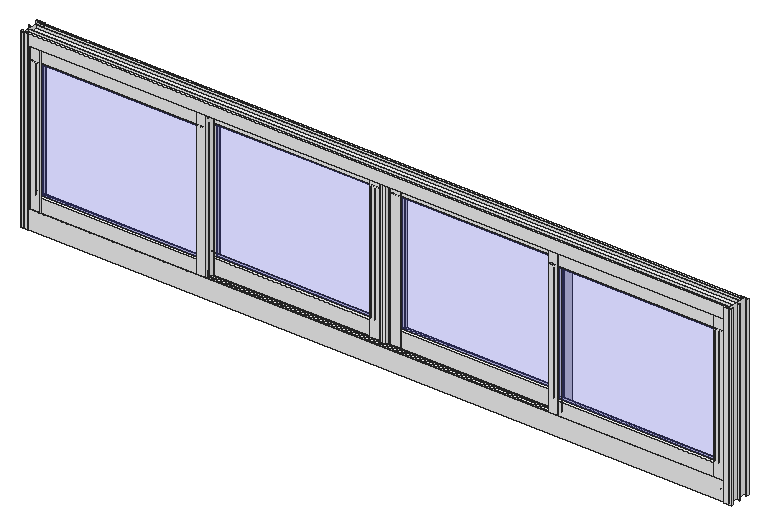
Revit family "Elite_XXXX_Custom", category Windows, host Wall, Revit 2014 (continued)
Definition of nested family "Elite_Sash_Outer"
  Definition of nested family "Elite_Lock_Stile"
    Dimensions and locks
      "Side Gap Rail Cut": Extrusion 3 sketch curve to cut or joined group of Extrusion 1, Extrusion 2, Extrusion 3  (x2)
      aligned and locked: level to plane 2
      aligned and locked: Extrusion 1 to Extrusion 2 sketch curve  (x2)
      aligned and locked: Extrusion 2 sketch curve to Extrusion 1  (x4)
      aligned and locked: Extrusion 3 sketch curve to cut or joined group of Extrusion 1, Extrusion 2, Extrusion 3
      aligned and locked: cut or joined group of Extrusion 1, Extrusion 2, Extrusion 3 to Extrusion 3 sketch curve
    Automatic sketch dimensions
      Extrusion 1 sketch curve to plane 3 "Center (Left/Right)" = 0 mm
      plane 1 "Center (Front/Back)" to Extrusion 1 sketch curve = 0 mm  (x2)
      plane 3 "Center (Left/Right)" to Extrusion 1 sketch curve = 1.2 mm
      plane 3 "Center (Left/Right)" to Extrusion 1 sketch curve = 1.5 mm  (x2)
      Extrusion 1 sketch curve to Extrusion 1 sketch curve = 0 mm  (x4)
      Extrusion 1 sketch curve to Extrusion 1 sketch curve = 0.3 mm  (x2)
      Extrusion 1 sketch curve to Extrusion 1 sketch curve = 1.3 mm  (x2)
      Extrusion 1 sketch curve to Extrusion 1 sketch curve = 1 mm  (x4)
      Extrusion 1 sketch curve to Extrusion 1 sketch curve = 5 mm  (x4)
      Extrusion 1 sketch curve to Extrusion 1 sketch curve = 1.5 mm  (x6)
      Extrusion 1 sketch curve to plane 1 "Center (Front/Back)" = 2.4 mm
      Extrusion 1 sketch curve to Extrusion 1 sketch curve = 19 mm
      Extrusion 1 sketch curve to Extrusion 1 sketch curve = 2 mm
      Extrusion 1 sketch curve to Extrusion 1 sketch curve = 1.2 mm  (x6)
      Extrusion 1 sketch curve to plane 1 "Center (Front/Back)" = 1.2 mm  (x2)
      Extrusion 1 sketch curve to Extrusion 1 sketch curve = 5.2 mm  (x2)
      Extrusion 1 sketch curve to Extrusion 1 sketch curve = 3 mm
      Extrusion 1 sketch curve to Extrusion 1 sketch curve = 20 mm
      Extrusion 1 sketch curve to Extrusion 1 sketch curve = 7 mm  (x2)
      Extrusion 1 sketch curve to Extrusion 1 sketch curve = 4.5 mm  (x2)
      Extrusion 1 sketch curve to Extrusion 1 sketch curve = 0.8 mm  (x2)
  Definition of nested family "Elite_Interlocker"
    Parameters (values of type "Elite_Interlocker")
      Rail Cut Width = 13 mm  # constant formula
      Rail Cut Side Spacing = 5 mm  # constant formula
      Rail Cut Height = 26 mm  # constant formula
      Profile Material [instance] = none
      Length Interlocker [instance] = 250 mm
      Large Cut Height = 55 mm  # constant formula
    Reference planes
      plane 1 "Center (Front/Back)": y = 0
      plane 2: z = 0
      plane 3 "Center (Left/Right)": x = 0
    Forms (mm)
      Extrusion 1, solid, material <- "Profile Material"
        sketch origin (0, 0, 0) x (1, 0, 0) y (0, 1, 0)
          loop
            line (6.916, 36.467) -> (6.916, 6.667) -> (39.416, 6.667) -> (39.416, 9.551) -> (38.416, 9.551) -> (38.416, 8.167) -> (37.116, 8.167) -> (37.116, 9.551) -> (36.116, 9.551) -> (36.116, 8.167) -> (32.916, 8.167) -> (32.916, 15.167) -> (36.116, 15.167) -> (36.116, 13.78) -> (37.116, 13.78) -> (37.116, 15.167) -> (38.416, 15.167) -> (38.416, 13.78) -> (39.416, 13.78) -> (39.416, 25.167)
            arc (39.416, 25.167) -> (38.973, 25.663) -> (38.429, 25.28) r 0.5
            line (38.429, 25.28) -> (36.426, 16.667) -> (32.916, 16.667) -> (32.916, 36.467) -> (31.416, 36.467) -> (31.416, 35.667) -> (24.916, 35.667) -> (24.916, 29.667) -> (26.416, 29.667) -> (26.416, 34.167) -> (31.416, 34.167) -> (31.416, 22.667) -> (19.916, 22.667) -> (8.416, 22.667) -> (8.416, 34.167) -> (13.416, 34.167) -> (13.416, 29.667) -> (14.916, 29.667) -> (14.916, 35.667) -> (8.416, 35.667) -> (8.416, 36.467) -> (6.916, 36.467)
          loop
            line (8.416, 21.167) -> (8.416, 8.167) -> (31.416, 8.167) -> (31.416, 21.167) -> (19.916, 21.167) -> (8.416, 21.167)
        from 0 to 250 <- "Length Interlocker"
      Extrusion 2, void
        sketch origin (14.616, 35.667, 0) x (1, 0, 0) y (0, 0, 1)
          loop
            line (11.8, 250) -> (-1.2, 250) -> (-1.2, 224) -> (11.8, 224) -> (11.8, 250)
          loop
            line (-1.2, 0) -> (11.8, 0) -> (11.8, 26) -> (-1.2, 26) -> (-1.2, 0)
        from 0 to 250
      Extrusion 3, void
        sketch origin (31.316, 35.667, 0) x (1, 0, 0) y (0, 0, 1)
          loop
            line (0.1, 250) -> (-22.9, 250) -> (-22.9, 195) -> (0.1, 195) -> (0.1, 250)
          loop
            line (-22.9, 0) -> (0.1, 0) -> (0.1, 55) -> (-22.9, 55) -> (-22.9, 0)
        from 0 to 25
    Cuts and joins
      Extrusion 2, Extrusion 3 cuts Extrusion 1
    Dimensions and locks
      "Rail Cut Width": Extrusion 2 sketch curve to Extrusion 2 sketch curve  (x2)
      "Rail Cut Side Spacing": Extrusion 2 sketch curve to Extrusion 1  (x2)
      "Rail Cut Height": Extrusion 2 sketch curve to Extrusion 2 sketch curve  (x2)
      "Large Cut Height": Extrusion 3 sketch curve to Extrusion 3 sketch curve  (x2)
      aligned and locked: level to plane 2
      aligned and locked: Extrusion 1 to Extrusion 2 sketch curve  (x2)
      aligned and locked: Extrusion 3 sketch curve to cut or joined group of Extrusion 1, Extrusion 2, Extrusion 3  (x4)
      aligned and locked: cut or joined group of Extrusion 1, Extrusion 2, Extrusion 3 to Extrusion 3 sketch curve  (x2)
    Automatic sketch dimensions
      plane 3 "Center (Left/Right)" to Extrusion 1 sketch curve = 6.916 mm
      plane 3 "Center (Left/Right)" to Extrusion 1 sketch curve = 8.416 mm
      Extrusion 1 sketch curve to Extrusion 1 sketch curve = 1.5 mm  (x11)
      Extrusion 1 sketch curve to Extrusion 1 sketch curve = 0 mm  (x6)
      Extrusion 1 sketch curve to Extrusion 1 sketch curve = 5 mm  (x4)
      Extrusion 1 sketch curve to Extrusion 1 sketch curve = 3.2 mm  (x2)
      Extrusion 1 sketch curve to Extrusion 1 sketch curve = 0.31 mm
      Extrusion 1 sketch curve to Extrusion 1 sketch curve = 1 mm  (x4)
      Extrusion 1 sketch curve to Extrusion 1 sketch curve = 1.3 mm  (x2)
      Extrusion 1 sketch curve to Extrusion 1 sketch curve = 7.013 mm
      Extrusion 1 sketch curve to Extrusion 1 sketch curve = 0.487 mm
      Extrusion 1 sketch curve to plane 1 "Center (Front/Back)" = 6.667 mm
      Extrusion 1 sketch curve to Extrusion 1 sketch curve = 1.384 mm  (x2)
      Extrusion 1 sketch curve to Extrusion 1 sketch curve = 4.229 mm
      Extrusion 1 sketch curve to Extrusion 1 sketch curve = 1.387 mm  (x2)
      Extrusion 1 sketch curve to Extrusion 1 sketch curve = 13 mm
      Extrusion 1 sketch curve to Extrusion 1 sketch curve = 2.5 mm
      Extrusion 1 sketch curve to Extrusion 1 sketch curve = 7 mm  (x2)
      Extrusion 1 sketch curve to Extrusion 1 sketch curve = 4.5 mm  (x2)
      Extrusion 1 sketch curve to Extrusion 1 sketch curve = 0.8 mm  (x2)
  Definition of nested family "Elite_Sash_Top"
    Parameters (values of type "Elite_Sash_Top")
      Profile Material [instance] = none
      Length Sash Top [instance] = 250 mm
    Reference planes
      plane 1 "Center (Front/Back)": y = 0
      plane 2: z = 0
      plane 3 "Center (Left/Right)": x = 0
    Forms (mm)
      Extrusion 1, solid, material <- "Profile Material"
        sketch origin (0, -88.953, -123.01) x (0, 1, 0) y (0, 0, 1)
          loop
            line (92.953, 217.01) -> (95.303, 217.01) -> (95.303, 223.01) -> (93.853, 223.01) -> (93.853, 218.46) -> (92.953, 218.46)
            arc (92.953, 218.46) -> (91.15, 219.207) -> (90.403, 221.01) r 2.55
            line (90.403, 221.01) -> (90.403, 230.06) -> (110.203, 230.06) -> (110.203, 221.01)
            arc (110.203, 221.01) -> (109.456, 219.207) -> (107.653, 218.46) r 2.55
            line (107.653, 218.46) -> (106.753, 218.46) -> (106.753, 223.01) -> (105.303, 223.01) -> (105.303, 217.01) -> (107.653, 217.01)
            arc (107.653, 217.01) -> (110.482, 218.181) -> (111.653, 221.01) r 4
            line (111.653, 221.01) -> (111.653, 271.01) -> (107.403, 271.01) -> (107.403, 268.61) -> (108.603, 268.61) -> (108.603, 269.81) -> (110.203, 269.81) -> (110.203, 262.21) -> (108.603, 262.21) -> (108.603, 263.41) -> (107.403, 263.41) -> (107.403, 261.01) -> (110.203, 261.01) -> (110.203, 231.51) -> (90.403, 231.51) -> (90.403, 261.01) -> (93.203, 261.01) -> (93.203, 263.41) -> (92.003, 263.41) -> (92.003, 262.21) -> (90.403, 262.21) -> (90.403, 269.81) -> (92.003, 269.81) -> (92.003, 268.61) -> (93.203, 268.61) -> (93.203, 271.01) -> (88.953, 271.01) -> (88.953, 221.01)
            arc (88.953, 221.01) -> (90.125, 218.181) -> (92.953, 217.01) r 4
        from 0 to 250 <- "Length Sash Top"
    Dimensions and locks
      aligned and locked: level to plane 2
  Definition of nested family "Elite_Sash_Bottom"
    Parameters (values of type "Elite_Sash_Bottom")
      Profile Material [instance] = none
      Length Sash Bottom [instance] = 250 mm
    Reference planes
      plane 1 "Center (Front/Back)": y = 0
      plane 2: z = 0
      plane 3 "Center (Left/Right)": x = 0
    Forms (mm)
      Extrusion 1, solid, material <- "Profile Material"
        sketch origin (0, -88.953, -123.01) x (0, 1, 0) y (0, 0, 1)
          loop
            arc (92.953, 177.01) -> (90.125, 175.838) -> (88.953, 173.01) r 4
            line (88.953, 173.01) -> (88.953, 123.01) -> (93.203, 123.01) -> (93.203, 125.41) -> (92.003, 125.41) -> (92.003, 124.21) -> (90.403, 124.21) -> (90.403, 131.81) -> (92.003, 131.81) -> (92.003, 130.61) -> (93.203, 130.61) -> (93.203, 133.01) -> (90.403, 133.01) -> (90.403, 162.51) -> (110.203, 162.51) -> (110.203, 133.01) -> (107.403, 133.01) -> (107.403, 130.61) -> (108.603, 130.61) -> (108.603, 131.81) -> (110.203, 131.81) -> (110.203, 124.21) -> (108.603, 124.21) -> (108.603, 125.41) -> (107.403, 125.41) -> (107.403, 123.01) -> (111.653, 123.01) -> (111.653, 173.01)
            arc (111.653, 173.01) -> (110.482, 175.838) -> (107.653, 177.01) r 4
            line (107.653, 177.01) -> (105.303, 177.01) -> (105.303, 171.01) -> (106.753, 171.01) -> (106.753, 175.56) -> (107.653, 175.56)
            arc (107.653, 175.56) -> (109.456, 174.813) -> (110.203, 173.01) r 2.55
            line (110.203, 173.01) -> (110.203, 163.96) -> (90.403, 163.96) -> (90.403, 173.01)
            arc (90.403, 173.01) -> (91.15, 174.813) -> (92.953, 175.56) r 2.55
            line (92.953, 175.56) -> (93.853, 175.56) -> (93.853, 171.01) -> (95.303, 171.01) -> (95.303, 177.01) -> (92.953, 177.01)
        from 0 to 250 <- "Length Sash Bottom"
    Dimensions and locks
      aligned and locked: level to plane 2
  Definition of nested family "Elite_Heavy_Duty_Interlocker_Outside"
    Parameters (values of type "Elite_Heavy_Duty_Interlocker_Outside")
      Side Cut Width = 20 mm  # constant formula
      Side Cut Height Top = 26 mm  # constant formula
      Profile Material [instance] = none
      Length Heavy Duty Interlocker [instance] = 250 mm
      Large Cut Height = 55 mm  # constant formula
      Cut Width = 13 mm  # constant formula
      Cut Side Spacing = 5 mm  # constant formula
      Cut Height = 26 mm  # constant formula
    Reference planes
      plane 1 "Center (Front/Back)": y = 0
      plane 2: z = 0
      plane 3 "Center (Left/Right)": x = 0
    Forms (mm)
      Extrusion 1, solid, material <- "Profile Material"
        sketch origin (0, 0, 0) x (1, 0, 0) y (0, 1, 0)
          loop
            arc (4, 27.5) -> (2.232, 26.768) -> (1.5, 25) r 2.5
            line (1.5, 25) -> (1.5, 4)
            arc (1.5, 4) -> (2.232, 2.232) -> (4, 1.5) r 2.5
            line (4, 1.5) -> (20, 1.5) -> (20, 27.5) -> (4, 27.5)
          loop
            line (21.5, 14.5) -> (21.5, 1.5) -> (33, 1.5) -> (44.5, 1.5) -> (44.5, 14.5) -> (33, 14.5) -> (21.5, 14.5)
          loop
            line (46, 10) -> (46, 29.8) -> (44.5, 29.8) -> (44.5, 29) -> (38, 29) -> (38, 23) -> (39.5, 23) -> (39.5, 27.5) -> (44.5, 27.5) -> (44.5, 16) -> (33, 16) -> (21.5, 16) -> (21.5, 27.5) -> (26.5, 27.5) -> (26.5, 23) -> (28, 23) -> (28, 29) -> (21.5, 29) -> (21.5, 29.8) -> (20, 29.8) -> (20, 29) -> (4, 29)
            arc (4, 29) -> (1.172, 27.828) -> (0, 25) r 4
            line (0, 25) -> (0, 4)
            arc (0, 4) -> (1.172, 1.172) -> (4, 0) r 4
            line (4, 0) -> (52.5, 0) -> (52.5, 2.866) -> (51.5, 2.866) -> (51.5, 1.5) -> (50.2, 1.5) -> (50.2, 2.866) -> (49.2, 2.866) -> (49.2, 1.5) -> (46, 1.5) -> (46, 8.5) -> (49.2, 8.5) -> (49.2, 7.121) -> (50.2, 7.121) -> (50.2, 8.5) -> (51.5, 8.5) -> (51.5, 7.121) -> (52.5, 7.121) -> (52.5, 18.5)
            arc (52.5, 18.5) -> (52.057, 18.997) -> (51.513, 18.613) r 0.5
            line (51.513, 18.613) -> (49.51, 10) -> (46, 10)
        from 0 to 250 <- "Length Heavy Duty Interlocker"
      Extrusion 2, void
        sketch origin (44.4, 29, 0) x (1, 0, 0) y (0, 0, 1)
          loop
            line (-4.9, 250) -> (-17.9, 250) -> (-17.9, 224) -> (-4.9, 224) -> (-4.9, 250)
          loop
            line (-4.9, 0) -> (-4.9, 26) -> (-17.9, 26) -> (-17.9, 0) -> (-4.9, 0)
        from 0 to 250
      Extrusion 3, void
        sketch origin (44.4, 29, 0) x (1, 0, 0) y (0, 0, 1)
          loop
            line (0.1, 250) -> (-22.9, 250) -> (-22.9, 195) -> (0.1, 195) -> (0.1, 250)
          loop
            line (0.1, 0) -> (0.1, 55) -> (-22.9, 55) -> (-22.9, 0) -> (0.1, 0)
        from 0 to 25
      Extrusion 4, void
        sketch origin (19.7, 29, 0) x (1, 0, 0) y (0, 0, 1)
          loop
            line (0.3, 250) -> (-19.7, 250) -> (-19.7, 224) -> (0.3, 224) -> (0.3, 250)
        from 0 to 250
    Cuts and joins
      Extrusion 2, Extrusion 3, Extrusion 4 cuts Extrusion 1
    Dimensions and locks
      "Cut Width": Extrusion 2 sketch curve to Extrusion 2 sketch curve  (x2)
      "Cut Side Spacing": Extrusion 2 sketch curve to Extrusion 1  (x2)
      "Cut Height": Extrusion 2 sketch curve to Extrusion 2 sketch curve  (x2)
      "Large Cut Height": Extrusion 3 sketch curve to Extrusion 3 sketch curve  (x2)
      "Side Cut Width": Extrusion 4 sketch curve to Extrusion 4 sketch curve
      "Side Cut Height Top": Extrusion 4 sketch curve to Extrusion 4 sketch curve
      aligned and locked: level to plane 2
      aligned and locked: Extrusion 2 sketch curve to Extrusion 1
      aligned and locked: Extrusion 1 to Extrusion 2 sketch curve
      aligned and locked: cut or joined group of Extrusion 1, Extrusion 2, Extrusion 3, Extrusion 4 to Extrusion 3 sketch curve  (x2)
      aligned and locked: Extrusion 3 sketch curve to cut or joined group of Extrusion 1, Extrusion 2, Extrusion 3, Extrusion 4  (x4)
      aligned and locked: Extrusion 4 sketch curve to cut or joined group of Extrusion 1, Extrusion 2, Extrusion 3, Extrusion 4
      aligned and locked: cut or joined group of Extrusion 1, Extrusion 2, Extrusion 3, Extrusion 4 to Extrusion 4 sketch curve
    Automatic sketch dimensions
      Extrusion 1 sketch curve to Extrusion 1 sketch curve = 0 mm  (x11)
      Extrusion 1 sketch curve to plane 3 "Center (Left/Right)" = 0 mm
      plane 1 "Center (Front/Back)" to Extrusion 1 sketch curve = 0 mm
      plane 3 "Center (Left/Right)" to Extrusion 1 sketch curve = 1.5 mm
      Extrusion 1 sketch curve to Extrusion 1 sketch curve = 2.5 mm  (x3)
      Extrusion 1 sketch curve to Extrusion 1 sketch curve = 16 mm
      Extrusion 1 sketch curve to Extrusion 1 sketch curve = 1.5 mm  (x10)
      Extrusion 1 sketch curve to Extrusion 1 sketch curve = 5 mm  (x3)
      Extrusion 1 sketch curve to plane 1 "Center (Front/Back)" = 1.5 mm  (x3)
      Extrusion 1 sketch curve to Extrusion 1 sketch curve = 11.5 mm  (x2)
      Extrusion 1 sketch curve to Extrusion 1 sketch curve = 10 mm
      Extrusion 1 sketch curve to Extrusion 1 sketch curve = 3.2 mm  (x2)
      Extrusion 1 sketch curve to plane 1 "Center (Front/Back)" = 10 mm
      Extrusion 1 sketch curve to Extrusion 1 sketch curve = 0.31 mm
      Extrusion 1 sketch curve to Extrusion 1 sketch curve = 1 mm  (x4)
      Extrusion 1 sketch curve to Extrusion 1 sketch curve = 1.3 mm  (x2)
      Extrusion 1 sketch curve to Extrusion 1 sketch curve = 7.013 mm
      Extrusion 1 sketch curve to Extrusion 1 sketch curve = 0.487 mm
      Extrusion 1 sketch curve to Extrusion 1 sketch curve = 1.366 mm
      Extrusion 1 sketch curve to Extrusion 1 sketch curve = 2.879 mm
      Extrusion 1 sketch curve to Extrusion 1 sketch curve = 4.5 mm  (x3)
      Extrusion 1 sketch curve to Extrusion 1 sketch curve = 7 mm  (x2)
      Extrusion 1 sketch curve to Extrusion 1 sketch curve = 9 mm
      Extrusion 1 sketch curve to Extrusion 1 sketch curve = 0.8 mm  (x2)
Definition of nested family "Elite_Meeting_Stile_Adaptor"
  Parameters (values of type "Elite_Meeting_Stile_Adaptor")
    Profile Material [instance] = none
    Middle Cut Width = 13 mm  # constant formula
    Middle Cut Height = 26 mm  # constant formula
    Length Meeting Stile Adaptor [instance] = 250 mm
    Left Spacing = 21.7 mm - 15 mm  # 6.7 mm
    Egde Top Cut = 26 mm  # constant formula
    Edge Bottom Cut = 50 mm  # constant formula
  Reference planes
    plane 1 "Center (Front/Back)": y = 0
    plane 2: z = 0
    plane 3 "Center (Left/Right)": x = 0
  Forms (mm)
    Extrusion 1, solid, material <- "Profile Material"
      sketch origin (0, 0, 0) x (1, 0, 0) y (0, 1, 0)
        loop
          arc (2.2, 4.6) -> (3.079, 2.479) -> (5.2, 1.6) r 3
          line (5.2, 1.6) -> (13.2, 1.6) -> (13.2, 18.4) -> (5.2, 18.4)
          arc (5.2, 18.4) -> (3.079, 17.521) -> (2.2, 15.4) r 3
          line (2.2, 15.4) -> (2.2, 4.6)
        loop
          arc (51.1, 1.6) -> (53.221, 2.479) -> (54.1, 4.6) r 3
          line (54.1, 4.6) -> (54.1, 15.4)
          arc (54.1, 15.4) -> (53.221, 17.521) -> (51.1, 18.4) r 3
          line (51.1, 18.4) -> (43.1, 18.4) -> (43.1, 1.6) -> (51.1, 1.6)
        loop
          line (20.9, 16.047) -> (23.399, 23.545) -> (22.082, 23.545) -> (19.665, 16.296) -> (19.649, 10.75) -> (15, 10.75) -> (15, 20) -> (5, 20)
          arc (5, 20) -> (1.464, 18.536) -> (0, 15) r 5
          line (0, 15) -> (0, 5)
          arc (0, 5) -> (1.464, 1.464) -> (5, 0) r 5
          line (5, 0) -> (15, 0) -> (15, 9.25) -> (41.3, 9.25) -> (41.3, 0) -> (51.3, 0)
          arc (51.3, 0) -> (54.836, 1.464) -> (56.3, 5) r 5
          line (56.3, 5) -> (56.3, 15)
          arc (56.3, 15) -> (54.836, 18.536) -> (51.3, 20) r 5
          line (51.3, 20) -> (41.3, 20) -> (41.3, 10.75) -> (36.65, 10.75) -> (36.65, 16.201) -> (34.218, 23.545) -> (32.901, 23.545) -> (35.4, 16.047) -> (35.4, 10.75) -> (20.9, 10.75) -> (20.9, 16.047)
      from 0 to 250 <- "Length Meeting Stile Adaptor"
    Extrusion 2, void
      sketch origin (14.4, 20, 0) x (1, 0, 0) y (0, 0, 1)
        loop
          line (20.2, 250) -> (7.2, 250) -> (7.2, 224) -> (20.2, 224) -> (20.2, 250)
        loop
          line (7.2, 0) -> (20.2, 0) -> (20.2, 26) -> (7.2, 26) -> (7.2, 0)
        loop
          line (0.6, 250) -> (-14.4, 250) -> (-14.4, 224) -> (0.6, 224) -> (0.6, 250)
      from -50 to 50
  Cuts and joins
    Extrusion 2 cuts Extrusion 1
  Dimensions and locks
    "Left Spacing": Extrusion 2 sketch curve to Extrusion 1  (x2)
    "Middle Cut Width": Extrusion 2 sketch curve to Extrusion 2 sketch curve  (x2)
    "Middle Cut Height": Extrusion 2 sketch curve to Extrusion 2 sketch curve  (x2)
    "Egde Top Cut": Extrusion 2 sketch curve to Extrusion 2 sketch curve
    aligned and locked: level to plane 2
    aligned and locked: Extrusion 2 sketch curve to Extrusion 1  (x4)
    aligned and locked: plane 3 "Center (Left/Right)" to Extrusion 2 sketch curve
  Automatic sketch dimensions
    Extrusion 1 sketch curve to plane 3 "Center (Left/Right)" = 0 mm
    plane 1 "Center (Front/Back)" to Extrusion 1 sketch curve = 0 mm  (x2)
    plane 3 "Center (Left/Right)" to Extrusion 1 sketch curve = 2.2 mm
    plane 3 "Center (Left/Right)" to Extrusion 1 sketch curve = 5 mm
    Extrusion 1 sketch curve to Extrusion 1 sketch curve = 2.8 mm  (x2)
    Extrusion 1 sketch curve to Extrusion 1 sketch curve = 0.2 mm  (x4)
    Extrusion 1 sketch curve to Extrusion 1 sketch curve = 8 mm  (x3)
    Extrusion 1 sketch curve to Extrusion 1 sketch curve = 1.8 mm  (x3)
    Extrusion 1 sketch curve to Extrusion 1 sketch curve = 4.649 mm
    Extrusion 1 sketch curve to Extrusion 1 sketch curve = 0.016 mm
    Extrusion 1 sketch curve to Extrusion 1 sketch curve = 1.251 mm
    Extrusion 1 sketch curve to Extrusion 1 sketch curve = 1.182 mm  (x2)
    Extrusion 1 sketch curve to Extrusion 1 sketch curve = 1.318 mm  (x2)
    Extrusion 1 sketch curve to Extrusion 1 sketch curve = 9.502 mm
    Extrusion 1 sketch curve to Extrusion 1 sketch curve = 1.25 mm
    Extrusion 1 sketch curve to Extrusion 1 sketch curve = 4.65 mm
    Extrusion 1 sketch curve to Extrusion 1 sketch curve = 0 mm  (x2)
    Extrusion 1 sketch curve to plane 1 "Center (Front/Back)" = 1.6 mm  (x2)
    Extrusion 1 sketch curve to Extrusion 1 sketch curve = 2.2 mm
    Extrusion 1 sketch curve to Extrusion 1 sketch curve = 7.65 mm
    Extrusion 1 sketch curve to Extrusion 1 sketch curve = 1.5 mm  (x2)
    Extrusion 1 sketch curve to Extrusion 1 sketch curve = 10 mm  (x2)
    Extrusion 1 sketch curve to Extrusion 1 sketch curve = 0.4 mm  (x2)
    Extrusion 1 sketch curve to Extrusion 1 sketch curve = 5.297 mm  (x2)
    Extrusion 1 sketch curve to Extrusion 1 sketch curve = 0.154 mm
    Extrusion 1 sketch curve to Extrusion 1 sketch curve = 0.249 mm
    Extrusion 1 sketch curve to Extrusion 1 sketch curve = 7.498 mm  (x2)
